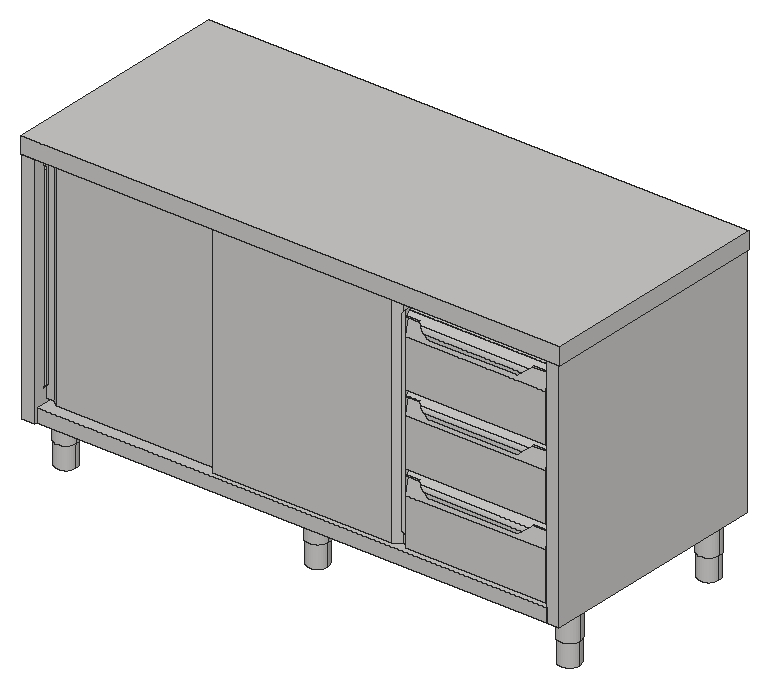
Revit family "QF_ELECTROLUXPROFESSIONAL_133261_MTA1600DXPN", category Attrezzature speciali, Revit 2020
Family settings
  Quota connettore circolare = Usa diametro
  Tipo di parte = Normale
  Basato su piano di lavoro = No
  Sempre verticale = Sì
  Taglio con vuoti quando caricato = No
  Condiviso = No
  Punto di calcolo locali = No
Parameters (values of type "Standard")
  Weight = 70.00 kg
  Watts = 0 W
  Volts = 0 V
  URL Manufacturer = "https://www.electroluxprofessional.com/"
  URL = "https://www.electroluxprofessional.com/"
  Steam Supply Size = 0 mm
  Steam Supply Minimum Pressure = 0.0 Pa
  Steam Supply Maximum Pressure = 0.0 Pa
  Steam Consumption per Hour = 0
  Refrigeration Suction Line Size = 0.0 mm
  Refrigeration Liquid Line Size = 0.0 mm
  Refrigerant Compressor Remote = yes
  Prospetto di default = 0.0 mm
  Phase = 0
  Modello = "MTA1600DXPN"
  Produttore = "Electrolux Professional"
  Length Actual = 1600.0 mm  # constant formula
  Item Number = "133261"
  Hot Water Size = 0 mm
  Height Actual = 900.0 mm  # constant formula
  HP = "0 HP"
  Gas Size = 0 mm
  Gas KW = 0
  Gas Input Pressure = 0 W
  Direct Waste Size = 0 mm
  Descrizione = "TABLE W/3 R/H DRAWERS+2 SLIDING D.1600MM"
  Depth Actual = 700.0 mm  # constant formula
  Cycle = 0 Hz
  Condensate Return Size = 0 mm
  Compressed Air Volume = 0.0 L/s
  Compressed Air Size = 0 mm
  Compressed Air Pressure = 0.0 Pa
  Cold Water Size = 0 mm
  Accessory = yes
Reference planes
  plane 1 "Center (Front/Back)": y = 0
  plane 2: z = 0
  plane 3 "Center Slide Doors": x = -409
  plane 4 "LEFT": x = -1000
  plane 5 "RIGHT": x = 600
  plane 6 "BACK": y = 350
  plane 7 "FRONT": y = -350
  plane 8 "TOP": z = 900
  plane 9: x = -954
  plane 10: x = 554
  plane 11: y = 270
  plane 12: y = -247
  plane 13 "FEET": z = 150
  plane 14: x = -956.5
  plane 15: y = -344.5
  plane 16: x = 138.5
  plane 17: x = -433.5
  plane 18: x = -384.5
  plane 19 "BaseTop": z = 850
  plane 20: x = -994.5
  plane 21: y = 344.5
  plane 22: x = 136
  plane 23: x = 556.5
  plane 24 "FeetLeft": x = -947
  plane 25: x = 547
  plane 26 "Center (Left/Right)": x = -200
  plane 27: x = 594.5
Forms (mm)
  Extrusion 1, solid, material "QF_Finishes_Stainless Steel"
    sketch origin (0, 0, 150) x (-1, 0, 0) y (0, -1, 0)
      loop
        line (994.5, -350) -> (994.5, 350) -> (956.5, 350) -> (956.5, -350) -> (994.5, -350)
      loop
        line (-556.4, -350) -> (-556.4, 344.5) -> (-594.5, 344.5) -> (-594.5, -350) -> (-556.4, -350)
    from 0 to 700
  Extrusion 2, solid, material "QF_Finishes_Stainless Steel"
    sketch origin (0, 0, 150) x (-1, 0, 0) y (0, -1, 0)
      loop
        line (956.5, -347) -> (956.5, 344.5) -> (-556.5, 344.5) -> (-556.5, -347) -> (956.5, -347)
    from 0 to 40
  Extrusion 3, solid, material "QF_Finishes_Stainless Steel"
    sketch origin (33, 0, 150) x (-1, 0, 0) y (0, -1, 0)
      loop
        line (417.5, 324.5) -> (417.5, 304.5) -> (987, 304.5) -> (987, 319.071) -> (977.942, 328.129) -> (976.312, 326.5) -> (985, 317.812) -> (985, 309.5) -> (966.034, 309.5) -> (946.034, 324.5) -> (417.5, 324.5)
    from 700 to 50
  Extrusion 4, void
    sketch origin (0, -350, 0) x (-1, 0, 0) y (0, 0, 1)
      loop
        line (942.418, 247.973) -> (942.418, 191.4) -> (956.5, 191.4) -> (956.5, 229.369) -> (942.418, 247.973)
      loop
        line (942.418, 816.627) -> (956.5, 835.231) -> (956.5, 850) -> (942.418, 850) -> (942.418, 816.627)
    from 20.5 to 40.5
  Extrusion 5, solid, material "QF_Finishes_Stainless Steel"
    sketch origin (0, 0, 150) x (-1, 0, 0) y (0, -1, 0)
      loop
        line (-556.5, -350) -> (956.5, -350) -> (956.5, -327) -> (-556.5, -327) -> (-556.5, -350)
    from 700 to 40
  Extrusion 6, solid, material "QF_Finishes_Stainless Steel"
    sketch origin (-409, 0, 0) x (0, 1, 0) y (0, 0, 1)
      loop
        line (-350, 900) -> (-350, 850) -> (350, 850) -> (350, 900) -> (-350, 900)
    from 1009 to -591
  Extrusion 7, solid, material "QF_Finishes_Stainless Steel"
    sketch origin (-847, -20, 150) x (1, 0, 0) y (0, 1, 0)
      loop
        line (413.5, -324.5) -> (944.034, -324.5) -> (964.034, -309.5) -> (981, -309.5) -> (981, -317.812) -> (974.312, -324.5) -> (975.942, -326.129) -> (983, -319.071) -> (983, -304.5) -> (413.5, -304.5) -> (413.5, -324.5)
    from 700 to 50
  Extrusion 8, void
    sketch origin (-814, -350, 0) x (1, 0, 0) y (0, 0, -1)
      loop
        line (940.418, -247.973) -> (952.5, -229.369) -> (952.5, -191.4) -> (940.418, -191.4) -> (940.418, -247.973)
      loop
        line (940.418, -816.627) -> (940.418, -850) -> (952.5, -850) -> (952.5, -835.231) -> (940.418, -816.627)
    from 2.49 to 20.5
  Extrusion 9, solid, material "QF_Finishes_Stainless Steel"
    sketch origin (0, 0, 850) x (-1, 0, 0) y (0, -1, 0)
      loop
        line (-556.5, 304.5) -> (-556.5, 299.5) -> (-554, 299.5) -> (-554, 304.5) -> (-556.5, 304.5)
    from 0 to -2
Cuts and joins
  Extrusion 4, Extrusion 8 cuts Extrusion 3
  Extrusion 8 cuts Extrusion 1
  Extrusion 8 cuts Extrusion 6
  Extrusion 8 cuts Extrusion 7
Lines and regions (mm)
  symbolic lines, style "SpecialityEquipment"
    curve 1: line (-1000, 350, 850) -> (600, 350, 850)
    curve 2: line (-1000, -350, 850) -> (-1000, 350, 850)
    curve 3: line (600, -350, 850) -> (-1000, -350, 850)
    curve 4: line (600, 350, 850) -> (600, -350, 850)
    curve 17: line (-1000, 337, 850) -> (600, 337, 850)
  symbolic lines, style "SpecialityEquipmentHiddenLines"
    curve 5: line (-433.5, -324.5, 200) -> (-433.5, -344.5, 200)
    curve 6: line (-954, -304.5, 850) -> (-384.5, -304.5, 850)
    curve 7: line (-384.5, -304.5, 850) -> (-384.5, -324.5, 850)
    curve 8: line (-384.5, -324.5, 850) -> (-913.034, -324.5, 850)
    curve 9: line (-913.034, -324.5, 850) -> (-933.034, -309.5, 850)
    curve 10: line (-933.034, -309.5, 850) -> (-954, -309.5, 850)
    curve 11: line (-954, -309.5, 850) -> (-954, -304.5, 850)
    curve 12: line (-433.5, -344.5, 850) -> (97.034, -344.5, 850)
    curve 13: line (97.034, -344.5, 850) -> (117.034, -329.5, 850)
    curve 14: line (117.034, -329.5, 850) -> (136, -329.5, 850)
    curve 15: line (136, -329.5, 850) -> (136, -324.5, 850)
    curve 16: line (136, -324.5, 850) -> (-384.5, -324.5, 850)
Dimensions and locks
  plane 6 "BACK" to plane 7 "FRONT" = 700.0 mm
  equal spacing: plane 6 "BACK", plane 1 "Center (Front/Back)", plane 7 "FRONT"
  locked: plane 13 "FEET" to level at 150
  locked: plane 6 "BACK" to plane 11 at 80
  locked: plane 12 to plane 7 "FRONT" at 103
  plane 17 to plane 18 = 49.0 mm
  equal spacing: plane 17, plane 3 "Center Slide Doors", plane 18
  locked: plane 4 "LEFT" to plane 20 at 5.5
  locked: plane 20 to plane 14 at 38
  plane 15 to plane 7 "FRONT" = 5.5 mm  (x2)
  plane 6 "BACK" to plane 21 = 5.5 mm
  locked: plane 22 to plane 16 at 2.5
  equal spacing: plane 9, plane 3 "Center Slide Doors", plane 22
  locked: plane 9 to plane 22 at 1090
  locked: plane 4 "LEFT" to plane 5 "RIGHT" at 1600
  locked: plane 24 "FeetLeft" to plane 20 at 47.5
  locked: plane 8 "TOP" to level at 900
  locked: plane 27 to plane 5 "RIGHT" at 5.5
  locked: plane 23 to plane 27 at 38
  locked: plane 10 to plane 23 at 2.5
  locked: plane 27 to plane 25 at 47.5
  equal spacing: plane 4 "LEFT", plane 26 "Center (Left/Right)", plane 5 "RIGHT"
  locked: plane 14 to plane 9 at 2.5
  aligned and locked: level to plane 2
  aligned and locked: nested 4 to plane 11
  aligned and locked: nested 3 to plane 11
  aligned and locked: plane 6 "BACK" to Extrusion 1 sketch curve
  aligned and locked: Extrusion 1 sketch curve to plane 6 "BACK"
  aligned and locked: Extrusion 1 sketch curve to plane 7 "FRONT"
  aligned and locked: plane 14 to Extrusion 1
  aligned and locked: Extrusion 2 to plane 14
  aligned and locked: Extrusion 2 to plane 15
  aligned and locked: nested 1 to plane 12
  aligned and locked: nested 2 to plane 12
  aligned and locked: plane 18 to Extrusion 3
  aligned and locked: nested 4 to nested 2
  aligned and locked: Extrusion 5 to plane 14
  aligned and locked: plane 19 "BaseTop" to Extrusion 3
  aligned and locked: plane 19 "BaseTop" to Extrusion 5
  aligned and locked: Extrusion 6 to plane 4 "LEFT"
  aligned and locked: plane 5 "RIGHT" to Extrusion 6
  aligned and locked: plane 23 to Extrusion 2 sketch curve
  aligned and locked: plane 24 "FeetLeft" to nested 1
  aligned and locked: nested 3 to nested 1
  aligned and locked: plane 25 to nested 2
  aligned and locked: nested 5 to plane 26 "Center (Left/Right)"
  aligned and locked: nested 6 to nested 5
  aligned and locked: Extrusion 5 to plane 23
  aligned and locked: plane 27 to cut or joined group of Extrusion 1, Extrusion 8
Automatic sketch dimensions
  Extrusion 1 sketch curve to plane 15 = 0.0 mm
  Extrusion 1 sketch curve to plane 14 = 0.0 mm
  Extrusion 1 sketch curve to plane 20 = 0.0 mm
  plane 23 to Extrusion 1 sketch curve = 0.1 mm
  Extrusion 2 sketch curve to plane 14 = 0.0 mm
  Extrusion 2 sketch curve to plane 15 = 0.0 mm
  plane 21 to Extrusion 2 sketch curve = 2.5 mm
  Extrusion 3 sketch curve to plane 18 = 0.0 mm
  Extrusion 3 sketch curve to plane 9 = 0.0 mm
  plane 24 "FeetLeft" to Extrusion 3 sketch curve = 33.966 mm
  plane 24 "FeetLeft" to Extrusion 3 sketch curve = 13.966 mm
  plane 24 "FeetLeft" to Extrusion 3 sketch curve = 3.688 mm
  plane 24 "FeetLeft" to Extrusion 3 sketch curve = 2.058 mm
  plane 9 to Extrusion 3 sketch curve = 2.0 mm
  plane 15 to Extrusion 3 sketch curve = 40.0 mm
  Extrusion 3 sketch curve to Extrusion 3 sketch curve = 5.0 mm
  Extrusion 3 sketch curve to Extrusion 3 sketch curve = 8.312 mm
  Extrusion 3 sketch curve to Extrusion 3 sketch curve = 1.259 mm
  plane 15 to Extrusion 3 sketch curve = 20.0 mm
  Extrusion 4 sketch curve to plane 19 "BaseTop" = 0.0 mm
  Extrusion 4 sketch curve to plane 14 = 0.0 mm  (x2)
  plane 24 "FeetLeft" to Extrusion 4 sketch curve = 4.582 mm  (x2)
  Extrusion 4 sketch curve to Extrusion 4 sketch curve = 14.769 mm
  Extrusion 4 sketch curve to Extrusion 4 sketch curve = 18.604 mm  (x2)
  plane 13 "FEET" to Extrusion 4 sketch curve = 97.973 mm
  Extrusion 4 sketch curve to Extrusion 4 sketch curve = 37.969 mm
  curve 5 to plane 15 = 0.0 mm
  curve 5 to plane 17 = 0.0 mm
  plane 15 to curve 5 = 20.0 mm
  Extrusion 5 sketch curve to plane 6 "BACK" = 0.0 mm
  Extrusion 5 sketch curve to plane 23 = 0.0 mm
  Extrusion 5 sketch curve to plane 14 = 0.0 mm
  plane 21 to Extrusion 5 sketch curve = 17.5 mm
  curve 17 to plane 5 "RIGHT" = 0.0 mm
  curve 16 to plane 22 = 0.0 mm
  curve 13 to plane 15 = 0.0 mm
  curve 7 to plane 18 = 0.0 mm
  curve 12 to plane 17 = 0.0 mm
  curve 11 to plane 9 = 0.0 mm
  curve 3 to plane 4 "LEFT" = 0.0 mm
  curve 1 to plane 6 "BACK" = 0.0 mm
  curve 3 to plane 7 "FRONT" = 0.0 mm
  curve 14 to curve 14 = 18.966 mm
  curve 13 to curve 13 = 20.0 mm
  plane 24 "FeetLeft" to curve 9 = 33.966 mm
  plane 24 "FeetLeft" to curve 9 = 13.966 mm
  plane 15 to curve 7 = 40.0 mm
  curve 6 to curve 10 = 5.0 mm
  plane 15 to curve 8 = 20.0 mm
  curve 15 to curve 15 = 5.0 mm
  curve 17 to plane 21 = 7.5 mm
  Extrusion 6 sketch curve to plane 7 "FRONT" = 0.0 mm
  Extrusion 6 sketch curve to plane 6 "BACK" = 0.0 mm
  Extrusion 6 sketch curve to plane 19 "BaseTop" = 0.0 mm
  Extrusion 7 sketch curve to plane 17 = 0.0 mm
  Extrusion 7 sketch curve to plane 15 = 0.0 mm  (x2)
  Extrusion 7 sketch curve to plane 22 = 0.0 mm
  plane 22 to Extrusion 7 sketch curve = 38.966 mm
  plane 22 to Extrusion 7 sketch curve = 18.966 mm
  plane 22 to Extrusion 7 sketch curve = 8.688 mm
  plane 15 to Extrusion 7 sketch curve = 1.629 mm
  Extrusion 7 sketch curve to Extrusion 7 sketch curve = 1.629 mm
  plane 22 to Extrusion 7 sketch curve = 2.0 mm
  Extrusion 7 sketch curve to plane 15 = 15.0 mm
  Extrusion 7 sketch curve to Extrusion 7 sketch curve = 5.0 mm
  Extrusion 8 sketch curve to plane 19 "BaseTop" = 0.0 mm
  Extrusion 8 sketch curve to plane 16 = 0.0 mm  (x2)
  plane 22 to Extrusion 8 sketch curve = 9.582 mm  (x2)
  Extrusion 8 sketch curve to Extrusion 8 sketch curve = 14.769 mm
  Extrusion 8 sketch curve to Extrusion 8 sketch curve = 18.604 mm  (x2)
  Extrusion 8 sketch curve to plane 13 "FEET" = 97.973 mm
  Extrusion 8 sketch curve to Extrusion 8 sketch curve = 37.969 mm
  Extrusion 9 sketch curve to plane 23 = 0.0 mm
  Extrusion 9 sketch curve to plane 10 = 0.0 mm
  plane 15 to Extrusion 9 sketch curve = 45.0 mm
  Extrusion 9 sketch curve to Extrusion 9 sketch curve = 5.0 mm
  Extrusion 1 sketch curve to plane 5 "RIGHT" = 5.5 mm
  Extrusion 6 sketch curve to plane 8 "TOP" = 0.0 mm
Nested families
  nested 1: "FEET_D60-150" at (-947, -247, 0), type "FEET_D60-150"
  nested 2: "FEET_D60-150" at (547, -247, 0), type "FEET_D60-150"
  nested 3: "FEET_D60-150" at (-947, 270, 0), type "FEET_D60-150"
  nested 4: "FEET_D60-150" at (547, 270, 0), type "FEET_D60-150"
  nested 5: "FEET_D60-150" at (-200, -247, 0), type "FEET_D60-150"
  nested 6: "FEET_D60-150" at (-200, 270, 0), type "FEET_D60-150"
  nested 7: "H637_600_3DRAWERS" at (310.458, -304.5, 152) x (1, 0, 0) z (0, -1, 0), type "H637_600_3DRAWERS"
    with Show Clearance yes
Definition of nested family "FEET_D60-150"
  Parameters
    Default Elevation = 0.0 mm
    FEET = 150.0 mm
  Reference planes
    plane 1 "Center (Front/Back)": y = 0
    plane 2: z = 0
    plane 3 "Center (Left/Right)": x = 0
    plane 4: z = 150
  Forms (mm)
    Extrusion 1, solid
      sketch origin (0, 0, 0) x (1, 0, 0) y (0, 1, 0)
        loop
          circle (0, 0) r 28
      from 0 to 67
    Revolve 2, solid
      sketch origin (0, 0, 0) x (1, 0, 0) y (0, 0, 1)
        loop
          line (0, 0) -> (0, 150) -> (-32.939, 150) -> (-32.939, 67) -> (-30, 67) -> (-30, 0) -> (0, 0)
        axis (0, 150) -> (0, 0)
      angle from 0 to 360
  Lines and regions (mm)
    symbolic lines
      curve 1: line (0, -1.503, 0) -> (0, 1.508, 0)
      curve 2: line (1.561, 0, 0) -> (-1.439, 0, 0)
  Dimensions and locks
    "FEET": plane 4 to plane 2
    aligned and locked: level to plane 2
  Automatic sketch dimensions
    plane 1 "Center (Front/Back)" to Extrusion 1 sketch curve = 0.0 mm
    Extrusion 1 sketch curve to plane 3 "Center (Left/Right)" = 0.0 mm
    plane 1 "Center (Front/Back)" to curve 2 = 0.0 mm
    curve 1 to plane 3 "Center (Left/Right)" = 0.0 mm
    curve 2 to plane 3 "Center (Left/Right)" = 1.439 mm
    plane 3 "Center (Left/Right)" to curve 2 = 1.561 mm
    plane 1 "Center (Front/Back)" to curve 1 = 1.503 mm
    curve 1 to plane 1 "Center (Front/Back)" = 1.508 mm
    Revolve 2 sketch curve to plane 4 = 0.0 mm
    Revolve 2 sketch curve to level = 0.0 mm
    Revolve 2 sketch curve to plane 3 "Center (Left/Right)" = 0.0 mm  (x2)
    Revolve 2 sketch curve to plane 3 "Center (Left/Right)" = 30.0 mm
    Revolve 2 sketch curve to plane 3 "Center (Left/Right)" = 32.939 mm
    level to Revolve 2 sketch curve = 67.0 mm
    Revolve 2 sketch curve to level = 42.207 mm
    Revolve 2 sketch curve to Revolve 2 sketch curve = 10.0 mm
    radius of Extrusion 1 sketch curve = 28.0 mm
Definition of nested family "H637_600_3DRAWERS"
  Parameters
    Width = 419.0 mm
    Show Clearance [instance] = yes
    Model = "727995"
    Height = 700.0 mm
    Default Elevation = 0.0 mm
  Reference planes
    plane 1 "Center (Front/Back)": y = 0
    plane 2: z = 0
    plane 3 "Center (Left/Right)": x = 36.042
    plane 4 "panel": z = 25
    plane 5 "Left": x = -173.458
    plane 6 "Right": x = 245.542
    plane 7: y = 700
    plane 8: z = 45
    plane 9: x = 243.542
    plane 10: x = -171.458
    plane 11: y = 676
    plane 12: y = 38
    plane 13: z = 499.734
    plane 14: y = 470
    plane 15: y = 465
    plane 16: y = 259
    plane 17: y = 254
    plane 18: y = 48
  Forms (mm)
    Extrusion 1, solid
      sketch origin (0, -919.2, 0) x (1, 0, 0) y (0, 1, 0)
        loop
          line (-980.5, 2119.2) -> (-980.5, -162.846) -> (881.94, -162.846) -> (881.94, 2119.2) -> (-980.5, 2119.2)
      from 0 to -59.546
    Extrusion 2, solid
      sketch origin (36.042, -645.693, 0) x (0, 1, 0) y (0, 0, 1)
        loop
          line (856.63, 49.734) -> (856.63, 47.734) -> (866.98, 47.734)
          arc (866.98, 47.734) -> (873.586, 46.42) -> (879.186, 42.679) r 17.261
          line (879.186, 42.679) -> (896.019, 25.845) -> (899.693, 25) -> (880.6, 44.093)
          arc (880.6, 44.093) -> (874.351, 48.268) -> (866.98, 49.734) r 19.261
          line (866.98, 49.734) -> (856.63, 49.734)
      from -207.5 to 207.5
    Extrusion 3, solid, detail levels coarse
      sketch origin (0, 0, 0) x (1, 0, 0) y (0, 0, 1)
        loop
          line (-171.458, 40) -> (243.542, 40) -> (243.542, 499.734) -> (-171.458, 499.734) -> (-171.458, 40)
      from -48 to -254
    Extrusion 4, solid
      sketch origin (36.042, -616, 0) x (0, 1, 0) y (0, 0, 1)
        loop
          line (664.4, 40) -> (664.4, 0) -> (870, 0) -> (870, 25) -> (804.797, 40) -> (664.4, 40)
      from 207.5 to -207.5
    Extrusion 5, void
      sketch origin (0, 0, 0) x (1, 0, 0) y (0, 1, 0)
        loop
          line (-99.744, 213.799) -> (-133.705, 243.322) -> (-166.458, 243.322)
          arc (-166.458, 243.322) -> (-169.994, 244.786) -> (-171.458, 248.322) r 5
          line (-171.458, 248.322) -> (-171.458, 210.937) -> (-91.403, 210.937)
          arc (-91.403, 210.937) -> (-95.762, 211.819) -> (-99.744, 213.799) r 17.035
      from 36.678 to 53.74
    Extrusion 6, void
      sketch origin (72.084, 0, 0) x (-1, 0, 0) y (0, -1, 0)
        loop
          arc (-99.744, -213.799) -> (-95.762, -211.819) -> (-91.403, -210.937) r 17.035
          line (-91.403, -210.937) -> (-171.458, -210.937) -> (-171.458, -248.322)
          arc (-171.458, -248.322) -> (-169.994, -244.786) -> (-166.458, -243.322) r 5
          line (-166.458, -243.322) -> (-133.705, -243.322) -> (-99.744, -213.799)
      from 36.678 to 53.74
    Extrusion 7, solid
      sketch origin (36.042, -434.693, 0) x (0, 1, 0) y (0, 0, 1)
        loop
          line (856.63, 49.734) -> (856.63, 47.734) -> (866.98, 47.734)
          arc (866.98, 47.734) -> (873.586, 46.42) -> (879.186, 42.679) r 17.261
          line (879.186, 42.679) -> (896.019, 25.845) -> (899.693, 25) -> (880.6, 44.093)
          arc (880.6, 44.093) -> (874.351, 48.268) -> (866.98, 49.734) r 19.261
          line (866.98, 49.734) -> (856.63, 49.734)
      from -207.5 to 207.5
    Extrusion 8, solid
      sketch origin (36.042, -405, 0) x (0, 1, 0) y (0, 0, 1)
        loop
          line (664, 40) -> (664, 0) -> (870, 0) -> (870, 25) -> (804.797, 40) -> (664, 40)
      from 207.5 to -207.5
    Extrusion 9, void
      sketch origin (0, 211, 0) x (1, 0, 0) y (0, 1, 0)
        loop
          line (-99.744, 213.799) -> (-133.705, 243.322) -> (-166.458, 243.322)
          arc (-166.458, 243.322) -> (-169.994, 244.786) -> (-171.458, 248.322) r 5
          line (-171.458, 248.322) -> (-171.458, 210.937) -> (-91.403, 210.937)
          arc (-91.403, 210.937) -> (-95.762, 211.819) -> (-99.744, 213.799) r 17.035
      from 36.678 to 53.74
    Extrusion 10, void
      sketch origin (72.084, 211, 0) x (-1, 0, 0) y (0, -1, 0)
        loop
          arc (-99.744, -213.799) -> (-95.762, -211.819) -> (-91.403, -210.937) r 17.035
          line (-91.403, -210.937) -> (-171.458, -210.937) -> (-171.458, -248.322)
          arc (-171.458, -248.322) -> (-169.994, -244.786) -> (-166.458, -243.322) r 5
          line (-166.458, -243.322) -> (-133.705, -243.322) -> (-99.744, -213.799)
      from 36.678 to 53.74
    Extrusion 11, solid
      sketch origin (36.042, -223.693, 0) x (0, 1, 0) y (0, 0, 1)
        loop
          line (856.63, 49.734) -> (856.63, 47.734) -> (866.98, 47.734)
          arc (866.98, 47.734) -> (873.586, 46.42) -> (879.186, 42.679) r 17.261
          line (879.186, 42.679) -> (896.019, 25.845) -> (899.693, 25) -> (880.6, 44.093)
          arc (880.6, 44.093) -> (874.351, 48.268) -> (866.98, 49.734) r 19.261
          line (866.98, 49.734) -> (856.63, 49.734)
      from -207.5 to 207.5
    Extrusion 12, solid
      sketch origin (36.042, -194, 0) x (0, 1, 0) y (0, 0, 1)
        loop
          line (664, 40) -> (664, 0) -> (870, 0) -> (870, 25) -> (804.797, 40) -> (664, 40)
      from 207.5 to -207.5
    Extrusion 13, void
      sketch origin (0, 422, 0) x (1, 0, 0) y (0, 1, 0)
        loop
          line (-99.744, 213.799) -> (-133.705, 243.322) -> (-166.458, 243.322)
          arc (-166.458, 243.322) -> (-169.994, 244.786) -> (-171.458, 248.322) r 5
          line (-171.458, 248.322) -> (-171.458, 210.937) -> (-91.403, 210.937)
          arc (-91.403, 210.937) -> (-95.762, 211.819) -> (-99.744, 213.799) r 17.035
      from 36.678 to 53.74
    Extrusion 14, void
      sketch origin (72.084, 422, 0) x (-1, 0, 0) y (0, -1, 0)
        loop
          arc (-99.744, -213.799) -> (-95.762, -211.819) -> (-91.403, -210.937) r 17.035
          line (-91.403, -210.937) -> (-171.458, -210.937) -> (-171.458, -248.322)
          arc (-171.458, -248.322) -> (-169.994, -244.786) -> (-166.458, -243.322) r 5
          line (-166.458, -243.322) -> (-133.705, -243.322) -> (-99.744, -213.799)
      from 36.678 to 53.74
    Extrusion 15, solid, detail levels coarse
      sketch origin (0, 0, 0) x (1, 0, 0) y (0, 0, 1)
        loop
          line (-171.458, 40) -> (243.542, 40) -> (243.542, 499.734) -> (-171.458, 499.734) -> (-171.458, 40)
      from -259 to -465
    Extrusion 16, solid, detail levels coarse
      sketch origin (0, 0, 0) x (1, 0, 0) y (0, 0, 1)
        loop
          line (-171.458, 40) -> (243.542, 40) -> (243.542, 499.734) -> (-171.458, 499.734) -> (-171.458, 40)
      from -470 to -676
  Cuts and joins
    Extrusion 5, Extrusion 6, Extrusion 9, Extrusion 10 cuts Extrusion 2
    Extrusion 5 cuts Extrusion 4
    Extrusion 9, Extrusion 10, Extrusion 13, Extrusion 14 cuts Extrusion 7
    Extrusion 13, Extrusion 14 cuts Extrusion 11
  Lines and regions (mm)
    symbolic lines
      curve 1: line (243.542, 0, 179.734) -> (243.542, 0, 199.734)
      curve 2: line (212.235, 0, 49.734) -> (-171.458, 0, 49.734)
      curve 3: spline (231.959, 0, 44.389) -> (230.421, 0, 45.265) -> (228.856, 0, 46.066) -> (227.265, 0, 46.791) -> (225.651, 0, 47.437) -> (224.017, 0, 48.005) -> (222.365, 0, 48.493) -> (220.698, 0, 48.9) -> (219.019, 0, 49.226) -> (217.331, 0, 49.471) -> (215.636, 0, 49.633) -> (213.936, 0, 49.712) -> (212.236, 0, 49.71)
      curve 4: line (238.456, 0, 40) -> (231.959, 0, 44.389)
      curve 5: line (243.542, 0, 500) -> (-171.458, 0, 500)
      curve 6: line (243.542, 0, 349.734) -> (-171.458, 0, 349.734)
      curve 7: line (243.542, 0, 199.734) -> (-171.458, 0, 199.734)
      curve 8: line (243.542, 0, 480) -> (-171.458, 0, 480)
      curve 9: line (243.542, 0, 329.734) -> (-171.458, 0, 329.734)
      curve 10: line (243.542, 0, 179.734) -> (-171.458, 0, 179.734)
      curve 11: line (-156.458, 0, 49.734) -> (-156.458, 0, 179.734)
      curve 12: line (-156.458, 0, 349.734) -> (-156.458, 0, 480)
      curve 13: line (-156.458, 0, 199.734) -> (-156.458, 0, 329.734)
      curve 14: line (228.542, 0, 49.734) -> (228.542, 0, 179.734)
      curve 15: line (228.542, 0, 349.734) -> (228.542, 0, 480)
      curve 16: line (228.542, 0, 199.734) -> (228.542, 0, 329.734)
      curve 17: line (243.542, 0, 480) -> (243.542, 0, 500)
      curve 18: line (243.542, 0, 329.734) -> (243.542, 0, 349.734)
      curve 19: line (-171.458, 0, 179.734) -> (-171.458, 0, 199.734)
      curve 20: line (-171.458, 0, 480) -> (-171.458, 0, 500)
      curve 21: line (-171.458, 0, 329.734) -> (-171.458, 0, 349.734)
  Dimensions and locks
    plane 4 "panel" to level = 25.0 mm
    "Width": plane 5 "Left" to plane 6 "Right"
    equal spacing: plane 5 "Left", plane 3 "Center (Left/Right)", plane 6 "Right"
    "Height": plane 1 "Center (Front/Back)" to plane 7
    plane 9 to plane 6 "Right" = 2.0 mm
    plane 5 "Left" to plane 10 = 2.0 mm
    plane 7 to plane 11 = 24.0 mm
    plane 1 "Center (Front/Back)" to plane 12 = 38.0 mm
    plane 10 to plane 9 = 415.0 mm
    plane 11 to plane 14 = 206.0 mm
    locked: plane 14 to plane 15 at 5
    plane 15 to plane 16 = 206.0 mm
    locked: plane 16 to plane 17 at 5
    plane 17 to plane 18 = 206.0 mm  (x2)
    plane 16 to plane 17 = 5.0 mm
    plane 14 to plane 15 = 5.0 mm
    plane 16 to plane 15 = 206.0 mm
    plane 14 to plane 11 = 206.0 mm
    aligned and locked: plane 2 to Extrusion 1
    aligned and locked: level to Extrusion 1
    aligned and locked: plane 9 to Extrusion 4
    aligned and locked: plane 10 to Extrusion 4
  Automatic sketch dimensions
    Extrusion 1 sketch curve to Extrusion 1 sketch curve = 1862.44 mm
    Extrusion 1 sketch curve to Extrusion 1 sketch curve = 2282.046 mm
    Extrusion 2 sketch curve to Extrusion 2 sketch curve = 0.0 mm  (x2)
    Extrusion 2 sketch curve to plane 4 "panel" = 0.0 mm
    Extrusion 2 sketch curve to plane 17 = 0.0 mm
    plane 4 "panel" to Extrusion 2 sketch curve = 0.845 mm
    Extrusion 2 sketch curve to plane 17 = 3.674 mm
    Extrusion 2 sketch curve to plane 8 = 0.907 mm
    Extrusion 2 sketch curve to plane 17 = 19.093 mm
    Extrusion 2 sketch curve to plane 8 = 2.321 mm
    Extrusion 2 sketch curve to Extrusion 2 sketch curve = 1.414 mm
    plane 4 "panel" to Extrusion 2 sketch curve = 5.474 mm
    Extrusion 2 sketch curve to Extrusion 2 sketch curve = 12.205 mm
    Extrusion 2 sketch curve to Extrusion 2 sketch curve = 10.351 mm
    Extrusion 4 sketch curve to level = 0.0 mm
    Extrusion 4 sketch curve to plane 4 "panel" = 0.0 mm
    Extrusion 4 sketch curve to plane 17 = 0.0 mm
    Extrusion 4 sketch curve to plane 8 = 5.0 mm
    Extrusion 4 sketch curve to plane 17 = 65.203 mm
    plane 18 to Extrusion 4 sketch curve = 0.4 mm
    Extrusion 7 sketch curve to Extrusion 7 sketch curve = 0.0 mm  (x2)
    Extrusion 7 sketch curve to plane 4 "panel" = 0.0 mm
    Extrusion 7 sketch curve to plane 15 = 0.0 mm
    plane 4 "panel" to Extrusion 7 sketch curve = 0.845 mm
    Extrusion 7 sketch curve to plane 15 = 3.674 mm
    Extrusion 7 sketch curve to plane 8 = 0.907 mm
    Extrusion 7 sketch curve to plane 15 = 19.093 mm
    Extrusion 7 sketch curve to plane 8 = 2.321 mm
    Extrusion 7 sketch curve to Extrusion 7 sketch curve = 1.414 mm
    plane 4 "panel" to Extrusion 7 sketch curve = 5.474 mm
    Extrusion 7 sketch curve to Extrusion 7 sketch curve = 12.205 mm
    Extrusion 7 sketch curve to Extrusion 7 sketch curve = 10.351 mm
    Extrusion 8 sketch curve to plane 16 = 0.0 mm
    Extrusion 8 sketch curve to plane 4 "panel" = 0.0 mm
    Extrusion 8 sketch curve to plane 15 = 0.0 mm
    Extrusion 8 sketch curve to level = 0.0 mm
    Extrusion 8 sketch curve to plane 8 = 5.0 mm
    Extrusion 8 sketch curve to plane 15 = 65.203 mm
    Extrusion 11 sketch curve to Extrusion 11 sketch curve = 0.0 mm  (x2)
    Extrusion 11 sketch curve to plane 4 "panel" = 0.0 mm
    Extrusion 11 sketch curve to plane 11 = 0.0 mm
    plane 4 "panel" to Extrusion 11 sketch curve = 0.845 mm
    Extrusion 11 sketch curve to plane 11 = 3.674 mm
    Extrusion 11 sketch curve to plane 8 = 0.907 mm
    Extrusion 11 sketch curve to plane 11 = 19.093 mm
    Extrusion 11 sketch curve to plane 8 = 2.321 mm
    Extrusion 11 sketch curve to Extrusion 11 sketch curve = 1.414 mm
    plane 4 "panel" to Extrusion 11 sketch curve = 5.474 mm
    Extrusion 11 sketch curve to Extrusion 11 sketch curve = 12.205 mm
    Extrusion 11 sketch curve to Extrusion 11 sketch curve = 10.351 mm
    Extrusion 12 sketch curve to plane 14 = 0.0 mm
    Extrusion 12 sketch curve to plane 4 "panel" = 0.0 mm
    Extrusion 12 sketch curve to plane 11 = 0.0 mm
    Extrusion 12 sketch curve to level = 0.0 mm
    Extrusion 12 sketch curve to plane 8 = 5.0 mm
    Extrusion 12 sketch curve to plane 11 = 65.203 mm
    plane 10 to curve 21 = 0.0 mm
    plane 10 to curve 20 = 0.0 mm
    plane 10 to curve 2 = 0.0 mm
    plane 10 to curve 19 = 0.0 mm
    curve 6 to plane 9 = 0.0 mm
    curve 7 to plane 9 = 0.0 mm
    curve 17 to plane 9 = 0.0 mm
    curve 4 to plane 8 = 0.611 mm
    curve 4 to plane 9 = 11.583 mm
    plane 8 to curve 19 = 134.734 mm
    curve 19 to curve 19 = 20.0 mm
    curve 1 to curve 18 = 130.0 mm
    curve 9 to curve 18 = 20.0 mm
    plane 13 to curve 17 = 19.734 mm
    curve 20 to plane 13 = 0.266 mm
    plane 8 to curve 11 = 4.734 mm
    curve 11 to plane 10 = 15.0 mm
    curve 21 to curve 12 = 15.0 mm
    curve 19 to curve 13 = 15.0 mm
    curve 2 to curve 3 = 19.723 mm
    curve 2 to curve 3 = 0.0 mm
    curve 3 to level = 1.281 mm
    curve 3 to plane 6 "Right" = 32.398 mm
    curve 15 to curve 6 = 15.0 mm
    curve 14 to curve 1 = 15.0 mm
    curve 16 to curve 1 = 15.0 mm
    curve 4 to plane 9 = 5.086 mm
    curve 4 to plane 8 = 5.0 mm
    curve 3 to curve 2 = 0.025 mm
    plane 8 to curve 14 = 4.734 mm
    plane 10 to Extrusion 3 sketch curve = 0.0 mm
    Extrusion 3 sketch curve to plane 9 = 0.0 mm
    Extrusion 3 sketch curve to plane 13 = 0.0 mm
    Extrusion 3 sketch curve to plane 8 = 5.0 mm
    Extrusion 5 sketch curve to plane 10 = 0.0 mm
    Extrusion 5 sketch curve to plane 10 = 5.0 mm
    Extrusion 5 sketch curve to plane 17 = 10.678 mm
    Extrusion 5 sketch curve to Extrusion 5 sketch curve = 32.753 mm
    Extrusion 5 sketch curve to Extrusion 5 sketch curve = 33.961 mm
    Extrusion 5 sketch curve to Extrusion 5 sketch curve = 8.34 mm
    Extrusion 5 sketch curve to Extrusion 5 sketch curve = 9.511 mm
    Extrusion 5 sketch curve to plane 17 = 26.068 mm
    Extrusion 5 sketch curve to Extrusion 5 sketch curve = 14.132 mm
    Extrusion 6 sketch curve to plane 9 = 0.0 mm
    plane 9 to Extrusion 6 sketch curve = 5.0 mm
    plane 17 to Extrusion 6 sketch curve = 10.678 mm
    Extrusion 6 sketch curve to Extrusion 6 sketch curve = 32.753 mm
    Extrusion 6 sketch curve to Extrusion 6 sketch curve = 33.961 mm
    Extrusion 6 sketch curve to Extrusion 6 sketch curve = 8.34 mm
    Extrusion 6 sketch curve to Extrusion 6 sketch curve = 1.171 mm
    plane 17 to Extrusion 6 sketch curve = 26.068 mm
    Extrusion 6 sketch curve to Extrusion 6 sketch curve = 14.132 mm
    Extrusion 9 sketch curve to plane 10 = 0.0 mm
    Extrusion 9 sketch curve to plane 10 = 5.0 mm
    Extrusion 9 sketch curve to plane 15 = 10.678 mm
    Extrusion 9 sketch curve to Extrusion 9 sketch curve = 32.753 mm
    Extrusion 9 sketch curve to Extrusion 9 sketch curve = 33.961 mm
    Extrusion 9 sketch curve to Extrusion 9 sketch curve = 8.34 mm
    Extrusion 9 sketch curve to Extrusion 9 sketch curve = 9.511 mm
    Extrusion 9 sketch curve to plane 15 = 26.068 mm
    Extrusion 9 sketch curve to Extrusion 9 sketch curve = 14.132 mm
    Extrusion 10 sketch curve to plane 9 = 0.0 mm
    plane 9 to Extrusion 10 sketch curve = 5.0 mm
    plane 15 to Extrusion 10 sketch curve = 10.678 mm
    Extrusion 10 sketch curve to Extrusion 10 sketch curve = 32.753 mm
    Extrusion 10 sketch curve to Extrusion 10 sketch curve = 33.961 mm
    Extrusion 10 sketch curve to Extrusion 10 sketch curve = 8.34 mm
    Extrusion 10 sketch curve to Extrusion 10 sketch curve = 1.171 mm
    plane 15 to Extrusion 10 sketch curve = 26.068 mm
    Extrusion 10 sketch curve to Extrusion 10 sketch curve = 14.132 mm
    Extrusion 13 sketch curve to plane 10 = 0.0 mm
    Extrusion 13 sketch curve to plane 10 = 5.0 mm
    Extrusion 13 sketch curve to plane 11 = 10.678 mm
    Extrusion 13 sketch curve to Extrusion 13 sketch curve = 32.753 mm
    Extrusion 13 sketch curve to Extrusion 13 sketch curve = 33.961 mm
    Extrusion 13 sketch curve to Extrusion 13 sketch curve = 8.34 mm
    Extrusion 13 sketch curve to Extrusion 13 sketch curve = 9.511 mm
    Extrusion 13 sketch curve to plane 11 = 26.068 mm
    Extrusion 13 sketch curve to Extrusion 13 sketch curve = 14.132 mm
    Extrusion 14 sketch curve to plane 9 = 0.0 mm
    plane 9 to Extrusion 14 sketch curve = 5.0 mm
    plane 11 to Extrusion 14 sketch curve = 10.678 mm
    Extrusion 14 sketch curve to Extrusion 14 sketch curve = 32.753 mm
    Extrusion 14 sketch curve to Extrusion 14 sketch curve = 33.961 mm
    Extrusion 14 sketch curve to Extrusion 14 sketch curve = 8.34 mm
    Extrusion 14 sketch curve to Extrusion 14 sketch curve = 1.171 mm
    plane 11 to Extrusion 14 sketch curve = 26.068 mm
    Extrusion 14 sketch curve to Extrusion 14 sketch curve = 14.132 mm
    plane 10 to Extrusion 15 sketch curve = 0.0 mm
    Extrusion 15 sketch curve to plane 9 = 0.0 mm
    Extrusion 15 sketch curve to plane 8 = 5.0 mm
    plane 13 to Extrusion 15 sketch curve = 0.0 mm
    plane 10 to Extrusion 16 sketch curve = 0.0 mm
    Extrusion 16 sketch curve to plane 9 = 0.0 mm
    Extrusion 16 sketch curve to plane 8 = 5.0 mm
    plane 8 to Extrusion 16 sketch curve = 454.734 mm
